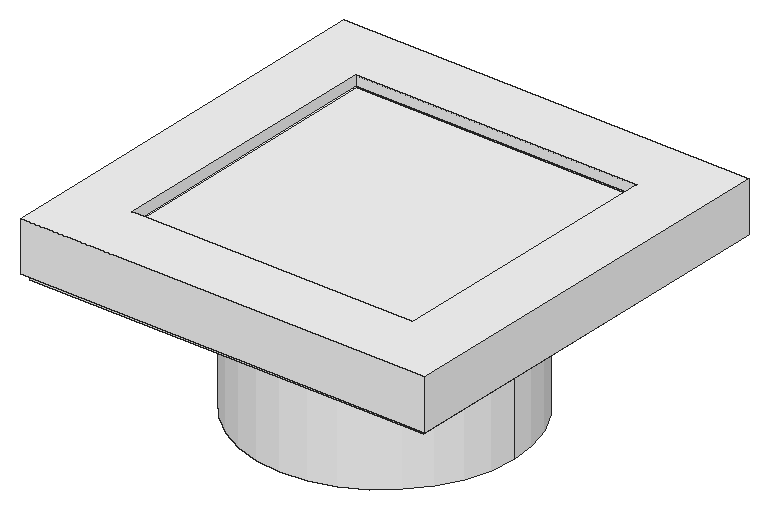
Revit family "Gira_2282005", category Electrical Fixtures, host Face, Revit 2017
Family settings
  Host = Face
  Maintain Annotation Orientation = Yes
  Round Connector Dimension = Use Diameter
  Part Type = Normal
  Cut with Voids When Loaded = No
  Shared = No
  Room Calculation Point = No
Parameters (values of type "Speaker RDS FM radio System 55 black m")
  White [instance] = White
  URL = "http://katalog.gira.de/en/datenblatt.html?artikelnr=2282005"
  Transparent = "No"
  Name = "Speaker RDS FM radio System 55 black m"
  Model = "Radio"
  Manufacturer URL = "https://www.gira.de/"
  Manufacturer = "Gira"
  HeinzeBIM = "https://bimportal.heinze.de/bim/speaker-rds-fm-radio-system-55-black-m/bdefbf82b9a9debabd9574377990cb93fe12e1ca"
  HAN = "2282005"
  GTIN = "4010337037286"
  Description = "Spk.FM radio RDS Sys55 BKm,Speaker for the RDS flush-mounted radio,,black matt,Features:,- Speaker for connection to the Gira RDS flush-mounted radio."
  Default Elevation = 1219.2 mm
  Data sheet (1) = "https://katalog.gira.de/en/download.html?artikelnr=2282005"
  Category = "Electronic insert for domestic switching devices"
  BIM (1) = "https://media.stage.bim.site/public/gira/36a6b08/Sys55_Komplettgerät_Schalten und Tasten.rfa?public/gira/36a6b08/Sys55_Komplettgerät_Schalten und Tasten.rfa"
  Available = "No"
Reference planes
  plane 1 "Center (Front/Back)": y = 0
  plane 2: z = 0
  plane 3 "Center (Left/Right)": x = 0
Forms (mm)
  Extrusion 1, solid, material "White" <- "White", detail levels medium
    sketch origin (0, 0, 0) x (1, 0, 0) y (0, 1, 0)
      loop
        line (-40.4, 40.4) -> (-40.4, -40.4) -> (40.4, -40.4) -> (40.4, 40.4) -> (-40.4, 40.4)
      loop
        line (-28, 28) -> (-28, -28) -> (28, -28) -> (28, 28) -> (-28, 28)
    from 0 to 10
  Extrusion 2, solid, material "White" <- "White", detail levels fine
    sketch origin (0, 0, 0) x (1, 0, 0) y (0, 1, 0)
      loop
        line (-40.4, 40.4) -> (-40.4, -40.4) -> (40.4, -40.4) -> (40.4, 40.4) -> (-40.4, 40.4)
      loop
        line (-28, 28) -> (-28, -28) -> (28, -28) -> (28, 28) -> (-28, 28)
    from 0 to 10
  Extrusion 3, void
    sketch origin (0, 0, 0) x (1, 0, 0) y (0, 1, 0)
      loop
        line (-38.4, 38.4) -> (-38.4, -38.4) -> (38.4, -38.4) -> (38.4, 38.4) -> (-38.4, 38.4)
    from 0 to 8
  Extrusion 4, solid, material "White" <- "White", detail levels medium+fine
    sketch origin (0, 0, 0) x (1, 0, 0) y (0, 1, 0)
      loop
        line (-39.4, 39.4) -> (-39.4, -39.4) -> (39.4, -39.4) -> (39.4, 39.4) -> (-39.4, 39.4)
    from 0 to -1
  Extrusion 5, solid, material "White" <- "White", detail levels medium+fine
    sketch origin (0, 0, 0) x (1, 0, 0) y (0, 1, 0)
      loop
        line (-35.5, 35.5) -> (-35.5, -35.5) -> (35.5, -35.5) -> (35.5, 35.5) -> (-35.5, 35.5)
    from -2 to -3
  Extrusion 6, solid, material "White" <- "White", detail levels medium+fine
    sketch origin (0, 0, 0) x (1, 0, 0) y (0, 1, 0)
      loop
        circle (0, 0) r 26
    from 0 to -27.5
  Extrusion 7, solid, material "White" <- "White", detail levels coarse
    sketch origin (0, 0, 0) x (1, 0, 0) y (0, 1, 0)
      loop
        line (-40.4, 40.4) -> (-40.4, -40.4) -> (40.4, -40.4) -> (40.4, 40.4) -> (-40.4, 40.4)
    from -27.5 to 10
Cuts and joins
  Extrusion 3 cuts Extrusion 2
Dimensions and locks
  aligned and locked: plane 2 to host face
  aligned and locked: level to host face
  aligned and locked: plane 3 "Center (Left/Right)" to nested 2
  aligned and locked: plane 1 "Center (Front/Back)" to nested 2
Nested families
  nested 1: "Sys55_Abdeckung_Schalten und Tasten_floor_base" at (0, 0, 0), type "Sys55_Abdeckung_Schalten und Tasten_floor_base"
  nested 2: "Schalter" at (0, 0, 0), type "Schalter"
Connectors
  electrical at (0, 0, -27.5)
    settings: on Extrusion 6, index 1, voltage 220 V, apparent load 0 VA, apparent load phase1 0 VA, apparent load phase2 0 VA, apparent load phase3 0 VA, power factor 1, load classification "Other", number of poles 1, system type 30, power factor state 1, is connector primary yes, connector utility no, sub classification motor no, connector description ""
Definition of nested family "Sys55_Abdeckung_Schalten und Tasten_floor_base"
  Parameters
    Default Elevation = 1219.2 mm
    White [instance] = none
  Reference planes
    plane 1 "Center (Front/Back)": y = 0
    plane 2: z = 0
    plane 3 "Center (Left/Right)": x = 0
  Forms (mm)
    Extrusion 1, solid
      sketch origin (0, 0, 0) x (1, 0, 0) y (0, 1, 0)
        loop
          line (-1219.2, 1219.2) -> (-1219.2, -1219.2) -> (1219.2, -1219.2) -> (1219.2, 1219.2) -> (-1219.2, 1219.2)
      from 0 to -304.8
    Extrusion 2, solid, material <- "White", detail levels fine
      sketch origin (0, 0, 0) x (1, 0, 0) y (0, 1, 0)
        loop
          line (-27.5, 27.5) -> (-27.5, -27.5) -> (27.5, -27.5) -> (27.5, 27.5) -> (-27.5, 27.5)
      from 0 to 8
    Extrusion 3, void
      sketch origin (0, 0, 0) x (1, 0, 0) y (0, 1, 0)
        loop
          line (26, 26) -> (-26, 26) -> (-26, -26) -> (26, -26) -> (26, 26)
      from 0 to 6
    Extrusion 4, solid, material <- "White", detail levels medium
      sketch origin (0, 0, 0) x (1, 0, 0) y (0, 1, 0)
        loop
          line (-27.5, 27.5) -> (-27.5, -27.5) -> (27.5, -27.5) -> (27.5, 27.5) -> (-27.5, 27.5)
      from 0 to 8
    Extrusion 5, solid, material <- "White", detail levels medium
      sketch origin (0, 0, 0) x (1, 0, 0) y (0, 1, 0)
        loop
          line (11, -17.5) -> (11, 17.5) -> (-11, 17.5) -> (-11, -17.5) -> (11, -17.5)
      from -6 to 6
    Extrusion 6, solid, material <- "White", detail levels fine
      sketch origin (0, 0, 0) x (1, 0, 0) y (0, 1, 0)
        loop
          line (11, 17.5) -> (-11, 17.5) -> (-11, 16.5) -> (11, 16.5) -> (11, 17.5)
        loop
          line (-11, -16.5) -> (-11, -17.5) -> (11, -17.5) -> (11, -16.5) -> (-11, -16.5)
      from -4 to 6
    Extrusion 7, solid, material <- "White", detail levels fine
      sketch origin (0, 0, 0) x (1, 0, 0) y (0, 1, 0)
        loop
          arc (5, 9.347) -> (0, 10.6) -> (-5, 9.347) r 10.6
          line (-5, 9.347) -> (-5, -9.347)
          arc (-5, -9.347) -> (0, -10.6) -> (5, -9.347) r 10.6
          line (5, -9.347) -> (5, 9.347)
      from -6 to 6
    Extrusion 8, solid, material <- "White", detail levels coarse
      sketch origin (0, 0, 0) x (1, 0, 0) y (0, 1, 0)
        loop
          line (-27.5, 27.5) -> (-27.5, -27.5) -> (27.5, -27.5) -> (27.5, 27.5) -> (-27.5, 27.5)
      from -6 to 8
  Cuts and joins
    Extrusion 3 cuts Extrusion 2
  Dimensions and locks
    aligned and locked: plane 2 to Extrusion 1
    aligned and locked: level to Extrusion 1
Definition of nested family "Schalter"
  Reference planes
    plane 1: y = 0
    plane 2: x = 0
  Lines and regions (mm)
    detail lines
      curve 1: circle (1.375, 2.778, 0) r 0.8 normal (0, 0, 1)
      curve 2: line (1.021, 2.061, 0) -> (0, 0, 0)
      curve 3: line (0, 0, 0) -> (-0.538, 0.266, 0)
  Dimensions and locks
    curve 2 to curve 2 = 2.3 mm
    curve 3 to curve 2 = 0.6 mm
    radius of curve 1 = 0.8 mm
